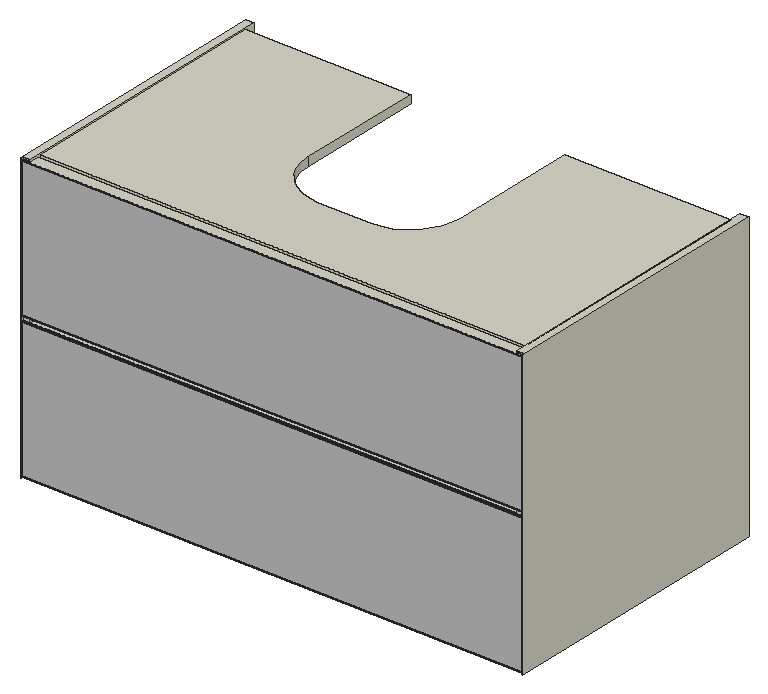
Revit family "vanity unit-hansgrohe-54191XXX-Xevolos E Vanity unit Sand Matt Beige 980_550 with 2 drawers for consoles with countertop basin ground", category Furniture, Revit 2019
Family settings
  OmniClass Number = 23.40.00.00
  OmniClass Title = Equipment and Furnishings
  Work Plane-Based = No
  Always vertical = Yes
  Cut with Voids When Loaded = No
  Shared = Yes
  Room Calculation Point = No
Parameters (values of type "54191790-SAND_MATT_BEIGE-METALLIC_SAND_BEIGE-400")
  etim7_EC011381 = "EC011381"
  WEIGHT = "51.8"
  UNSPSC = "56 | Furniture and Furnishings"
  UNIFORMATII = "E2010 | Fixed Furnishings"
  UNICLASS_2015_CODE = "40_30_78_05"
  UNICLASS2015 = "Pr_40_30_78_05 | Bathroom furniture"
  SURFACE = "METALLIC_SAND_BEIGE"
  REGION = "Worldwide"
  PRODUCTURL = "https://pro.hansgrohe.com/articledetail--54191790"
  PERMALINK = "54191XXX"
  OMNICLASS = "23-21 19 15 33 13 | Residential Bathroom Specialty Casework"
  OBJECTTYPE = "Object (single object)"
  OBERFLAECHE = "SAND_MATT_BEIGE"
  NN = "Vanity unit with 2 drawers for consoles with countertop basin ground"
  NBSYN = "$ARTNR.-$OBERFLAECHE.-$SURFACE.-$LODLEVEL."
  NB = "54191790-SAND_MATT_BEIGE-METALLIC_SAND_BEIGE-400"
  NAME = "Xevolos E Vanity unit Sand Matt Beige 980/550 with 2 drawers for consoles with countertop basin ground"
  Model = "54191790-SAND_MATT_BEIGE-METALLIC_SAND_BEIGE-400"
  Manufacturer = "Hansgrohe"
  MIdent = "{$CADENAS_DATA/23d-libs/hansgrohe/xevolos_furniture/e_vanity_unit_2_drawers_console_countertop_basin/vanity_unit_2drawers_consoles_countertop_basin.prj},307 {VTYP=3D},{NB=54191790-SAND_MATT_BEIGE-METALLIC_SAND_BEIGE-400},{LINA=54191790-SAND_MATT_BEIGE-METALLIC_SAND_BEIGE-400},{NN=Vanity unit with 2 drawers for consoles with countertop basin ground},{DATE=13.03.2023 11:45:48},{GEOMDATE=12.03.2023 06:32:00},{VERSION=},{LINEID=150},{WBVAR=LODLEVEL},{WBNUMERIC=}  {NB=54191790-SAND_MATT_BEIGE-METALLIC_SAND_BEIGE-400},{LINA=54191790-SAND_MATT_BEIGE-METALLIC_SAND_BEIGE-400},{KT=DUMMY},{IDNR=15},{ARTNR=54191790},{BASENUMBER=54191},{MODEL=54191XXX},{OBERFLAECHE=SAND_MATT_BEIGE},{SURFACE=METALLIC_SAND_BEIGE},{L=980},{LODLEVEL=400},{LODLEVELX='400','400','200','200'},{NAME=Xevolos E Vanity unit Sand Matt Beige 980/550 with 2 drawers for consoles with countertop basin ground},{PERMALINK=54191XXX},{OBJECTTYPE=Object (single object)},{BIMOBJECT=Sanitary: Compound units},{COLLECTIONSET=Xevolos E},{COLLECTION=vanity unit},{WEIGHT=51.8},{DESCRIPTION=Xevolos E Vanity unit Sand Matt Beige 980/550 with 2 drawers for consoles with countertop basin ground},{PRODUCTURL=https://pro.hansgrohe.com/articledetail--54191790},{GTINCODE=0},{TENDERURL=0},{IFC=Furnishing element},{ETIM=EC011381 | Bathroom furniture set},{UNICLASS2015=Pr_40_30_78_05 | Bathroom furniture},{OMNICLASS=23-21 19 15 33 13 | Residential Bathroom Specialty Casework},{MASTERFORMAT=12 35 30.23 | Bathroom Casework},{UNSPSC=56 | Furniture and Furnishings},{UNIFORMATII=E2010 | Fixed Furnishings},{REGION=Worldwide},{DESIGN=Germany},{MANUFACTURER=Germany}"
  MASTERFORMAT = "12 35 30.23 | Bathroom Casework"
  LODLEVEL = "400"
  LINA = "54191790-SAND_MATT_BEIGE-METALLIC_SAND_BEIGE-400"
  L = 980
  IFC = "Furnishing element"
  IDNR = 15
  ETIM = "EC011381 | Bathroom furniture set"
  DESIGN = "Germany"
  COLLECTIONSET = "Xevolos E"
  COLLECTION = "vanity unit"
  CATALOG = "Hansgrohe"
  BIMOBJECT = "Sanitary: Compound units"
  BASENUMBER = "54191"
  ARTNR = "54191790"
  54191790-SAND_MATT_BEIGE-METALLIC_SAND_BEIGE-400_RX0RY0RZ0TX0TY0TZ0_V = yes
  54191790-SAND_MATT_BEIGE-METALLIC_SAND_BEIGE-200_RX0RY0RZ0TX0TY0TZ0_V = no
  54191730-SAND_MATT_BEIGE-DARK_OAK-400_RX0RY0RZ0TX0TY0TZ0_V = no
  54191730-SAND_MATT_BEIGE-DARK_OAK-200_RX0RY0RZ0TX0TY0TZ0_V = no
  54191390-SAND_MATT_BEIGE-PATTEREND_BRONZE-400_RX0RY0RZ0TX0TY0TZ0_V = no
  54191390-SAND_MATT_BEIGE-PATTEREND_BRONZE-200_RX0RY0RZ0TX0TY0TZ0_V = no
Types (6, lengths in mm): name | SURFACE | NB | Model | MIdent | LODLEVEL | LINA | IDNR | ARTNR | 54191790-SAND_MATT_BEIGE-METALLIC_SAND_BEIGE-400_RX0RY0RZ0TX0TY0TZ0_V | 54191790-SAND_MATT_BEIGE-METALLIC_SAND_BEIGE-200_RX0RY0RZ0TX0TY0TZ0_V | 54191730-SAND_MATT_BEIGE-DARK_OAK-400_RX0RY0RZ0TX0TY0TZ0_V | 54191730-SAND_MATT_BEIGE-DARK_OAK-200_RX0RY0RZ0TX0TY0TZ0_V | 54191390-SAND_MATT_BEIGE-PATTEREND_BRONZE-400_RX0RY0RZ0TX0TY0TZ0_V | 54191390-SAND_MATT_BEIGE-PATTEREND_BRONZE-200_RX0RY0RZ0TX0TY0TZ0_V
  54191390-SAND_MATT_BEIGE-PATTEREND_BRONZE-200 | "PATTEREND_BRONZE" | "54191390-SAND_MATT_BEIGE-PATTEREND_BRONZE-200" | "54191390-SAND_MATT_BEIGE-PATTEREND_BRONZE-200" | "{$CADENAS_DATA/23d-libs/hansgrohe/xevolos_furniture/e_vanity_unit_2_drawers_console_countertop_basin/vanity_unit_2drawers_consoles_countertop_basin.prj},301 {VTYP=3D},{NB=54191390-SAND_MATT_BEIGE-PATTEREND_BRONZE-200},{LINA=54191390-SAND_MATT_BEIGE-PATTEREND_BRONZE-200},{NN=Vanity unit with 2 drawers for consoles with countertop basin ground},{DATE=13.03.2023 11:45:48},{GEOMDATE=12.03.2023 06:32:00},{VERSION=},{LINEID=130},{WBVAR=LODLEVEL},{WBNUMERIC=}  {NB=54191390-SAND_MATT_BEIGE-PATTEREND_BRONZE-200},{LINA=54191390-SAND_MATT_BEIGE-PATTEREND_BRONZE-200},{KT=DUMMY},{IDNR=13},{ARTNR=54191390},{BASENUMBER=54191},{MODEL=54191XXX},{OBERFLAECHE=SAND_MATT_BEIGE},{SURFACE=PATTEREND_BRONZE},{L=980},{LODLEVEL=200},{LODLEVELX='400','400','200','200'},{NAME=Xevolos E Vanity unit Sand Matt Beige 980/550 with 2 drawers for consoles with countertop basin ground},{PERMALINK=54191XXX},{OBJECTTYPE=Object (single object)},{BIMOBJECT=Sanitary: Compound units},{COLLECTIONSET=Xevolos E},{COLLECTION=vanity unit},{WEIGHT=51.8},{DESCRIPTION=Xevolos E Vanity unit Sand Matt Beige 980/550 with 2 drawers for consoles with countertop basin ground},{PRODUCTURL=https://pro.hansgrohe.com/articledetail--54191790},{GTINCODE=0},{TENDERURL=0},{IFC=Furnishing element},{ETIM=EC011381 | Bathroom furniture set},{UNICLASS2015=Pr_40_30_78_05 | Bathroom furniture},{OMNICLASS=23-21 19 15 33 13 | Residential Bathroom Specialty Casework},{MASTERFORMAT=12 35 30.23 | Bathroom Casework},{UNSPSC=56 | Furniture and Furnishings},{UNIFORMATII=E2010 | Fixed Furnishings},{REGION=Worldwide},{DESIGN=Germany},{MANUFACTURER=Germany}" | "200" | "54191390-SAND_MATT_BEIGE-PATTEREND_BRONZE-200" | 13 | "54191390" | no | no | no | no | no | yes
  54191390-SAND_MATT_BEIGE-PATTEREND_BRONZE-400 | "PATTEREND_BRONZE" | "54191390-SAND_MATT_BEIGE-PATTEREND_BRONZE-400" | "54191390-SAND_MATT_BEIGE-PATTEREND_BRONZE-400" | "{$CADENAS_DATA/23d-libs/hansgrohe/xevolos_furniture/e_vanity_unit_2_drawers_console_countertop_basin/vanity_unit_2drawers_consoles_countertop_basin.prj},301 {VTYP=3D},{NB=54191390-SAND_MATT_BEIGE-PATTEREND_BRONZE-400},{LINA=54191390-SAND_MATT_BEIGE-PATTEREND_BRONZE-400},{NN=Vanity unit with 2 drawers for consoles with countertop basin ground},{DATE=13.03.2023 11:45:48},{GEOMDATE=12.03.2023 06:32:00},{VERSION=},{LINEID=130},{WBVAR=LODLEVEL},{WBNUMERIC=}  {NB=54191390-SAND_MATT_BEIGE-PATTEREND_BRONZE-400},{LINA=54191390-SAND_MATT_BEIGE-PATTEREND_BRONZE-400},{KT=DUMMY},{IDNR=13},{ARTNR=54191390},{BASENUMBER=54191},{MODEL=54191XXX},{OBERFLAECHE=SAND_MATT_BEIGE},{SURFACE=PATTEREND_BRONZE},{L=980},{LODLEVEL=400},{LODLEVELX='400','400','200','200'},{NAME=Xevolos E Vanity unit Sand Matt Beige 980/550 with 2 drawers for consoles with countertop basin ground},{PERMALINK=54191XXX},{OBJECTTYPE=Object (single object)},{BIMOBJECT=Sanitary: Compound units},{COLLECTIONSET=Xevolos E},{COLLECTION=vanity unit},{WEIGHT=51.8},{DESCRIPTION=Xevolos E Vanity unit Sand Matt Beige 980/550 with 2 drawers for consoles with countertop basin ground},{PRODUCTURL=https://pro.hansgrohe.com/articledetail--54191790},{GTINCODE=0},{TENDERURL=0},{IFC=Furnishing element},{ETIM=EC011381 | Bathroom furniture set},{UNICLASS2015=Pr_40_30_78_05 | Bathroom furniture},{OMNICLASS=23-21 19 15 33 13 | Residential Bathroom Specialty Casework},{MASTERFORMAT=12 35 30.23 | Bathroom Casework},{UNSPSC=56 | Furniture and Furnishings},{UNIFORMATII=E2010 | Fixed Furnishings},{REGION=Worldwide},{DESIGN=Germany},{MANUFACTURER=Germany}" | "400" | "54191390-SAND_MATT_BEIGE-PATTEREND_BRONZE-400" | 13 | "54191390" | no | no | no | no | yes | no
  54191730-SAND_MATT_BEIGE-DARK_OAK-200 | "DARK_OAK" | "54191730-SAND_MATT_BEIGE-DARK_OAK-200" | "54191730-SAND_MATT_BEIGE-DARK_OAK-200" | "{$CADENAS_DATA/23d-libs/hansgrohe/xevolos_furniture/e_vanity_unit_2_drawers_console_countertop_basin/vanity_unit_2drawers_consoles_countertop_basin.prj},285 {VTYP=3D},{NB=54191730-SAND_MATT_BEIGE-DARK_OAK-200},{LINA=54191730-SAND_MATT_BEIGE-DARK_OAK-200},{NN=Vanity unit with 2 drawers for consoles with countertop basin ground},{DATE=13.03.2023 11:45:48},{GEOMDATE=12.03.2023 06:32:00},{VERSION=},{LINEID=140},{WBVAR=LODLEVEL},{WBNUMERIC=}  {NB=54191730-SAND_MATT_BEIGE-DARK_OAK-200},{LINA=54191730-SAND_MATT_BEIGE-DARK_OAK-200},{KT=DUMMY},{IDNR=14},{ARTNR=54191730},{BASENUMBER=54191},{MODEL=54191XXX},{OBERFLAECHE=SAND_MATT_BEIGE},{SURFACE=DARK_OAK},{L=980},{LODLEVEL=200},{LODLEVELX='400','400','200','200'},{NAME=Xevolos E Vanity unit Sand Matt Beige 980/550 with 2 drawers for consoles with countertop basin ground},{PERMALINK=54191XXX},{OBJECTTYPE=Object (single object)},{BIMOBJECT=Sanitary: Compound units},{COLLECTIONSET=Xevolos E},{COLLECTION=vanity unit},{WEIGHT=51.8},{DESCRIPTION=Xevolos E Vanity unit Sand Matt Beige 980/550 with 2 drawers for consoles with countertop basin ground},{PRODUCTURL=https://pro.hansgrohe.com/articledetail--54191790},{GTINCODE=0},{TENDERURL=0},{IFC=Furnishing element},{ETIM=EC011381 | Bathroom furniture set},{UNICLASS2015=Pr_40_30_78_05 | Bathroom furniture},{OMNICLASS=23-21 19 15 33 13 | Residential Bathroom Specialty Casework},{MASTERFORMAT=12 35 30.23 | Bathroom Casework},{UNSPSC=56 | Furniture and Furnishings},{UNIFORMATII=E2010 | Fixed Furnishings},{REGION=Worldwide},{DESIGN=Germany},{MANUFACTURER=Germany}" | "200" | "54191730-SAND_MATT_BEIGE-DARK_OAK-200" | 14 | "54191730" | no | no | no | yes | no | no
  54191730-SAND_MATT_BEIGE-DARK_OAK-400 | "DARK_OAK" | "54191730-SAND_MATT_BEIGE-DARK_OAK-400" | "54191730-SAND_MATT_BEIGE-DARK_OAK-400" | "{$CADENAS_DATA/23d-libs/hansgrohe/xevolos_furniture/e_vanity_unit_2_drawers_console_countertop_basin/vanity_unit_2drawers_consoles_countertop_basin.prj},285 {VTYP=3D},{NB=54191730-SAND_MATT_BEIGE-DARK_OAK-400},{LINA=54191730-SAND_MATT_BEIGE-DARK_OAK-400},{NN=Vanity unit with 2 drawers for consoles with countertop basin ground},{DATE=13.03.2023 11:45:48},{GEOMDATE=12.03.2023 06:32:00},{VERSION=},{LINEID=140},{WBVAR=LODLEVEL},{WBNUMERIC=}  {NB=54191730-SAND_MATT_BEIGE-DARK_OAK-400},{LINA=54191730-SAND_MATT_BEIGE-DARK_OAK-400},{KT=DUMMY},{IDNR=14},{ARTNR=54191730},{BASENUMBER=54191},{MODEL=54191XXX},{OBERFLAECHE=SAND_MATT_BEIGE},{SURFACE=DARK_OAK},{L=980},{LODLEVEL=400},{LODLEVELX='400','400','200','200'},{NAME=Xevolos E Vanity unit Sand Matt Beige 980/550 with 2 drawers for consoles with countertop basin ground},{PERMALINK=54191XXX},{OBJECTTYPE=Object (single object)},{BIMOBJECT=Sanitary: Compound units},{COLLECTIONSET=Xevolos E},{COLLECTION=vanity unit},{WEIGHT=51.8},{DESCRIPTION=Xevolos E Vanity unit Sand Matt Beige 980/550 with 2 drawers for consoles with countertop basin ground},{PRODUCTURL=https://pro.hansgrohe.com/articledetail--54191790},{GTINCODE=0},{TENDERURL=0},{IFC=Furnishing element},{ETIM=EC011381 | Bathroom furniture set},{UNICLASS2015=Pr_40_30_78_05 | Bathroom furniture},{OMNICLASS=23-21 19 15 33 13 | Residential Bathroom Specialty Casework},{MASTERFORMAT=12 35 30.23 | Bathroom Casework},{UNSPSC=56 | Furniture and Furnishings},{UNIFORMATII=E2010 | Fixed Furnishings},{REGION=Worldwide},{DESIGN=Germany},{MANUFACTURER=Germany}" | "400" | "54191730-SAND_MATT_BEIGE-DARK_OAK-400" | 14 | "54191730" | no | no | yes | no | no | no
  54191790-SAND_MATT_BEIGE-METALLIC_SAND_BEIGE-200 | "METALLIC_SAND_BEIGE" | "54191790-SAND_MATT_BEIGE-METALLIC_SAND_BEIGE-200" | "54191790-SAND_MATT_BEIGE-METALLIC_SAND_BEIGE-200" | "{$CADENAS_DATA/23d-libs/hansgrohe/xevolos_furniture/e_vanity_unit_2_drawers_console_countertop_basin/vanity_unit_2drawers_consoles_countertop_basin.prj},307 {VTYP=3D},{NB=54191790-SAND_MATT_BEIGE-METALLIC_SAND_BEIGE-200},{LINA=54191790-SAND_MATT_BEIGE-METALLIC_SAND_BEIGE-200},{NN=Vanity unit with 2 drawers for consoles with countertop basin ground},{DATE=13.03.2023 11:45:48},{GEOMDATE=12.03.2023 06:32:00},{VERSION=},{LINEID=150},{WBVAR=LODLEVEL},{WBNUMERIC=}  {NB=54191790-SAND_MATT_BEIGE-METALLIC_SAND_BEIGE-200},{LINA=54191790-SAND_MATT_BEIGE-METALLIC_SAND_BEIGE-200},{KT=DUMMY},{IDNR=15},{ARTNR=54191790},{BASENUMBER=54191},{MODEL=54191XXX},{OBERFLAECHE=SAND_MATT_BEIGE},{SURFACE=METALLIC_SAND_BEIGE},{L=980},{LODLEVEL=200},{LODLEVELX='400','400','200','200'},{NAME=Xevolos E Vanity unit Sand Matt Beige 980/550 with 2 drawers for consoles with countertop basin ground},{PERMALINK=54191XXX},{OBJECTTYPE=Object (single object)},{BIMOBJECT=Sanitary: Compound units},{COLLECTIONSET=Xevolos E},{COLLECTION=vanity unit},{WEIGHT=51.8},{DESCRIPTION=Xevolos E Vanity unit Sand Matt Beige 980/550 with 2 drawers for consoles with countertop basin ground},{PRODUCTURL=https://pro.hansgrohe.com/articledetail--54191790},{GTINCODE=0},{TENDERURL=0},{IFC=Furnishing element},{ETIM=EC011381 | Bathroom furniture set},{UNICLASS2015=Pr_40_30_78_05 | Bathroom furniture},{OMNICLASS=23-21 19 15 33 13 | Residential Bathroom Specialty Casework},{MASTERFORMAT=12 35 30.23 | Bathroom Casework},{UNSPSC=56 | Furniture and Furnishings},{UNIFORMATII=E2010 | Fixed Furnishings},{REGION=Worldwide},{DESIGN=Germany},{MANUFACTURER=Germany}" | "200" | "54191790-SAND_MATT_BEIGE-METALLIC_SAND_BEIGE-200" | 15 | "54191790" | no | yes | no | no | no | no
  54191790-SAND_MATT_BEIGE-METALLIC_SAND_BEIGE-400 | "METALLIC_SAND_BEIGE" | "54191790-SAND_MATT_BEIGE-METALLIC_SAND_BEIGE-400" | "54191790-SAND_MATT_BEIGE-METALLIC_SAND_BEIGE-400" | "{$CADENAS_DATA/23d-libs/hansgrohe/xevolos_furniture/e_vanity_unit_2_drawers_console_countertop_basin/vanity_unit_2drawers_consoles_countertop_basin.prj},307 {VTYP=3D},{NB=54191790-SAND_MATT_BEIGE-METALLIC_SAND_BEIGE-400},{LINA=54191790-SAND_MATT_BEIGE-METALLIC_SAND_BEIGE-400},{NN=Vanity unit with 2 drawers for consoles with countertop basin ground},{DATE=13.03.2023 11:45:48},{GEOMDATE=12.03.2023 06:32:00},{VERSION=},{LINEID=150},{WBVAR=LODLEVEL},{WBNUMERIC=}  {NB=54191790-SAND_MATT_BEIGE-METALLIC_SAND_BEIGE-400},{LINA=54191790-SAND_MATT_BEIGE-METALLIC_SAND_BEIGE-400},{KT=DUMMY},{IDNR=15},{ARTNR=54191790},{BASENUMBER=54191},{MODEL=54191XXX},{OBERFLAECHE=SAND_MATT_BEIGE},{SURFACE=METALLIC_SAND_BEIGE},{L=980},{LODLEVEL=400},{LODLEVELX='400','400','200','200'},{NAME=Xevolos E Vanity unit Sand Matt Beige 980/550 with 2 drawers for consoles with countertop basin ground},{PERMALINK=54191XXX},{OBJECTTYPE=Object (single object)},{BIMOBJECT=Sanitary: Compound units},{COLLECTIONSET=Xevolos E},{COLLECTION=vanity unit},{WEIGHT=51.8},{DESCRIPTION=Xevolos E Vanity unit Sand Matt Beige 980/550 with 2 drawers for consoles with countertop basin ground},{PRODUCTURL=https://pro.hansgrohe.com/articledetail--54191790},{GTINCODE=0},{TENDERURL=0},{IFC=Furnishing element},{ETIM=EC011381 | Bathroom furniture set},{UNICLASS2015=Pr_40_30_78_05 | Bathroom furniture},{OMNICLASS=23-21 19 15 33 13 | Residential Bathroom Specialty Casework},{MASTERFORMAT=12 35 30.23 | Bathroom Casework},{UNSPSC=56 | Furniture and Furnishings},{UNIFORMATII=E2010 | Fixed Furnishings},{REGION=Worldwide},{DESIGN=Germany},{MANUFACTURER=Germany}" | "400" | "54191790-SAND_MATT_BEIGE-METALLIC_SAND_BEIGE-400" | 15 | "54191790" | yes | no | no | no | no | no
Reference planes
  plane 1 "Center (Front/Back)": y = 0
  plane 2: z = 0
  plane 3 "Center (Left/Right)": x = 0
Dimensions and locks
  aligned and locked: level to plane 2
Nested families
  nested 1: "54191390-sand_matt_beige-patterend_bronze-200_content" at (0, 0, 0), visible <- "54191390-SAND_MATT_BEIGE-PATTEREND_BRONZE-200_RX0RY0RZ0TX0TY0TZ0_V", ContentVisible <- "54191390-SAND_MATT_BEIGE-PATTEREND_BRONZE-200_RX0RY0RZ0TX0TY0TZ0_V", type "54191390-SAND_MATT_BEIGE-PATTEREND_BRONZE-200_Content"
    with ContentVisible no
  nested 2: "54191390-sand_matt_beige-patterend_bronze-400_content" at (0, 0, 0), visible <- "54191390-SAND_MATT_BEIGE-PATTEREND_BRONZE-400_RX0RY0RZ0TX0TY0TZ0_V", ContentVisible <- "54191390-SAND_MATT_BEIGE-PATTEREND_BRONZE-400_RX0RY0RZ0TX0TY0TZ0_V", type "54191390-SAND_MATT_BEIGE-PATTEREND_BRONZE-400_Content"
    with ContentVisible no
  nested 3: "54191730-sand_matt_beige-dark_oak-200_content" at (0, 0, 0), visible <- "54191730-SAND_MATT_BEIGE-DARK_OAK-200_RX0RY0RZ0TX0TY0TZ0_V", ContentVisible <- "54191730-SAND_MATT_BEIGE-DARK_OAK-200_RX0RY0RZ0TX0TY0TZ0_V", type "54191730-SAND_MATT_BEIGE-DARK_OAK-200_Content"
    with ContentVisible no
  nested 4: "54191730-sand_matt_beige-dark_oak-400_content" at (0, 0, 0), visible <- "54191730-SAND_MATT_BEIGE-DARK_OAK-400_RX0RY0RZ0TX0TY0TZ0_V", ContentVisible <- "54191730-SAND_MATT_BEIGE-DARK_OAK-400_RX0RY0RZ0TX0TY0TZ0_V", type "54191730-SAND_MATT_BEIGE-DARK_OAK-400_Content"
    with ContentVisible no
  nested 5: "54191790-sand_matt_beige-metallic_sand_beige-200_content" at (0, 0, 0), visible <- "54191790-SAND_MATT_BEIGE-METALLIC_SAND_BEIGE-200_RX0RY0RZ0TX0TY0TZ0_V", ContentVisible <- "54191790-SAND_MATT_BEIGE-METALLIC_SAND_BEIGE-200_RX0RY0RZ0TX0TY0TZ0_V", type "54191790-SAND_MATT_BEIGE-METALLIC_SAND_BEIGE-200_Content"
    with ContentVisible no
  nested 6: "54191790-sand_matt_beige-metallic_sand_beige-400_content" at (0, 0, 0), visible <- "54191790-SAND_MATT_BEIGE-METALLIC_SAND_BEIGE-400_RX0RY0RZ0TX0TY0TZ0_V", ContentVisible <- "54191790-SAND_MATT_BEIGE-METALLIC_SAND_BEIGE-400_RX0RY0RZ0TX0TY0TZ0_V", type "54191790-SAND_MATT_BEIGE-METALLIC_SAND_BEIGE-400_Content"
    with ContentVisible yes
Definition of nested family "54191790-sand_matt_beige-metallic_sand_beige-400_content"
  Parameters (values of type "54191790-SAND_MATT_BEIGE-METALLIC_SAND_BEIGE-400_Content")
    etim7_EC011381 = "EC011381"
    WEIGHT = "51.8"
    UNSPSC = "56 | Furniture and Furnishings"
    UNIFORMATII = "E2010 | Fixed Furnishings"
    UNICLASS_2015_CODE = "40_30_78_05"
    UNICLASS2015 = "Pr_40_30_78_05 | Bathroom furniture"
    SURFACE = "METALLIC_SAND_BEIGE"
    REGION = "Worldwide"
    PRODUCTURL = "https://pro.hansgrohe.com/articledetail--54191790"
    PERMALINK = "54191XXX"
    OMNICLASS = "23-21 19 15 33 13 | Residential Bathroom Specialty Casework"
    OBJECTTYPE = "Object (single object)"
    OBERFLAECHE = "SAND_MATT_BEIGE"
    NN = "Vanity unit with 2 drawers for consoles with countertop basin ground"
    NBSYN = "$ARTNR.-$OBERFLAECHE.-$SURFACE.-$LODLEVEL."
    NB = "54191790-SAND_MATT_BEIGE-METALLIC_SAND_BEIGE-400"
    NAME = "Xevolos E Vanity unit Sand Matt Beige 980/550 with 2 drawers for consoles with countertop basin ground"
    Model = "54191790-SAND_MATT_BEIGE-METALLIC_SAND_BEIGE-400"
    Manufacturer = "Hansgrohe"
    MASTERFORMAT = "12 35 30.23 | Bathroom Casework"
    LODLEVEL = "400"
    LINA = "54191790-SAND_MATT_BEIGE-METALLIC_SAND_BEIGE-400"
    L = 980
    IFC = "Furnishing element"
    IDNR = 15
    ETIM = "EC011381 | Bathroom furniture set"
    Default Elevation = 1219.2 mm
    DESIGN = "Germany"
    ContentVisible [instance] = yes
    COLLECTIONSET = "Xevolos E"
    COLLECTION = "vanity unit"
    CATALOG = "Hansgrohe"
    BIMOBJECT = "Sanitary: Compound units"
    BASENUMBER = "54191"
    ARTNR = "54191790"
  Reference planes
    plane 1 "Center (Front/Back)": y = 0
    plane 2: z = 0
    plane 3 "Center (Left/Right)": x = 0
  Forms (mm)
    Extrusion 1, solid, visible <- "ContentVisible", detail levels medium+fine
      sketch origin (0, 0, 0) x (1, 0, 0) y (0, 1, 0)
        loop
          line (-490, 0) -> (-490, -548.3) -> (-488, -548.3) -> (-488, -544.3) -> (-474, -544.3) -> (-474, 0) -> (-490, 0)
      from 0 to 558
    Extrusion 2, solid, visible <- "ContentVisible", detail levels medium+fine
      sketch origin (0, 0, 0) x (1, 0, 0) y (0, 1, 0)
        loop
          line (-474, -131.5) -> (-474, -498) -> (474, -498) -> (474, -131.5) -> (-474, -131.5)
      from 0 to 16
    Extrusion 3, solid, visible <- "ContentVisible", detail levels medium+fine
      sketch origin (0, 0, 0) x (1, 0, 0) y (0, 1, 0)
        loop
          line (474, 0) -> (474, -544.3) -> (488, -544.3) -> (488, -548.3) -> (490, -548.3) -> (490, 0) -> (474, 0)
      from 0 to 558
    Extrusion 4, solid, visible <- "ContentVisible", detail levels medium+fine
      sketch origin (0, 0, 0.5) x (1, 0, 0) y (0, 1, 0)
        loop
          line (-474, -115.5) -> (-474, -131.5) -> (474, -131.5) -> (474, -115.5) -> (-474, -115.5)
      from 0 to 126
    Extrusion 5, solid, visible <- "ContentVisible", detail levels medium+fine
      sketch origin (0, 0, 2) x (1, 0, 0) y (0, 1, 0)
        loop
          line (-488, -527) -> (-488, -548.3) -> (488, -548.3) -> (488, -527) -> (-488, -527)
      from 0 to 2
    Extrusion 6, solid, visible <- "ContentVisible", detail levels medium+fine
      sketch origin (0, 0, 556) x (1, 0, 0) y (0, 1, 0)
        loop
          line (-488, -527) -> (-488, -548.3) -> (488, -548.3) -> (488, -527) -> (-488, -527)
      from -2 to 0
    Extrusion 7, solid, visible <- "ContentVisible", detail levels medium+fine
      sketch origin (0, -544.3, 0) x (1, 0, 0) y (0, 0, -1)
        loop
          line (-488, -272.5) -> (488, -272.5) -> (488, -4) -> (-488, -4) -> (-488, -272.5)
      from -4 to 0
    Extrusion 8, solid, visible <- "ContentVisible", detail levels medium+fine
      sketch origin (0, -544.3, 0) x (1, 0, 0) y (0, 0, -1)
        loop
          line (-488, -554) -> (488, -554) -> (488, -285.5) -> (-488, -285.5) -> (-488, -554)
      from -4 to 0
    Extrusion 9, solid, visible <- "ContentVisible", detail levels medium+fine
      sketch origin (0, 0, 272.5) x (1, 0, 0) y (0, 1, 0)
        loop
          line (-488, -527) -> (-488, -548.3) -> (488, -548.3) -> (488, -527) -> (-488, -527)
      from 0 to 2
    Extrusion 10, solid, visible <- "ContentVisible", detail levels medium+fine
      sketch origin (0, 0, 285.5) x (1, 0, 0) y (0, 1, 0)
        loop
          line (-488, -527) -> (-488, -548.3) -> (488, -548.3) -> (488, -527) -> (-488, -527)
      from -2 to 0
    Extrusion 11, solid, visible <- "ContentVisible", detail levels medium+fine
      sketch origin (0, -544.3, 0) x (1, 0, 0) y (0, 0, -1)
        loop
          line (-488, -274.5) -> (488, -274.5) -> (488, -4.5) -> (-488, -4.5) -> (-488, -274.5)
        loop
          line (-414, -78) -> (-414, -272.5) -> (414, -272.5) -> (414, -78) -> (-414, -78)
      from 0 to 17
    Extrusion 12, solid, visible <- "ContentVisible", detail levels medium+fine
      sketch origin (0, -544.3, 0) x (1, 0, 0) y (0, 0, -1)
        loop
          line (-488, -553.5) -> (-412, -553.5) -> (-412, -361.5) -> (412, -361.5) -> (412, -553.5) -> (488, -553.5) -> (488, -285.5) -> (-488, -285.5) -> (-488, -553.5)
      from 0 to 17
    Extrusion 13, solid, visible <- "ContentVisible", detail levels medium+fine
      sketch origin (0, 0, 0) x (0, 0, -1) y (0, 1, 0)
        loop
          line (-285, -395.5) -> (-285, -520) -> (-269, -520) -> (-269, -395.5) -> (-285, -395.5)
      from -474 to 474
    Extrusion 14, solid, visible <- "ContentVisible", detail levels medium+fine
      sketch origin (0, 0, 557.5) x (1, 0, 0) y (0, 1, 0)
        loop
          line (-474, -521.5) -> (474, -521.5) -> (474, -23) -> (150, -23) -> (150, -273)
          arc (150, -273) -> (120.711, -343.711) -> (50, -373) r 100
          line (50, -373) -> (-50, -373)
          arc (-50, -373) -> (-120.711, -343.711) -> (-150, -273) r 100
          line (-150, -273) -> (-150, -23) -> (-474, -23) -> (-474, -521.5)
      from -16 to 0
    Extrusion 15, solid, visible <- "ContentVisible", detail levels coarse
      sketch origin (0, -274.15, 0) x (1, 0, 0) y (0, 1, 0)
        loop
          line (-490, -274.15) -> (490, -274.15) -> (490, 274.15) -> (-490, 274.15) -> (-490, -274.15)
      from 0 to 558
  Dimensions and locks
    aligned and locked: level to plane 2
Definition of nested family "54191390-sand_matt_beige-patterend_bronze-200_content"
  Parameters (values of type "54191390-SAND_MATT_BEIGE-PATTEREND_BRONZE-200_Content")
    etim7_EC011381 = "EC011381"
    WEIGHT = "51.8"
    UNSPSC = "56 | Furniture and Furnishings"
    UNIFORMATII = "E2010 | Fixed Furnishings"
    UNICLASS_2015_CODE = "40_30_78_05"
    UNICLASS2015 = "Pr_40_30_78_05 | Bathroom furniture"
    SURFACE = "PATTEREND_BRONZE"
    REGION = "Worldwide"
    PRODUCTURL = "https://pro.hansgrohe.com/articledetail--54191790"
    PERMALINK = "54191XXX"
    OMNICLASS = "23-21 19 15 33 13 | Residential Bathroom Specialty Casework"
    OBJECTTYPE = "Object (single object)"
    OBERFLAECHE = "SAND_MATT_BEIGE"
    NN = "Vanity unit with 2 drawers for consoles with countertop basin ground"
    NBSYN = "$ARTNR.-$OBERFLAECHE.-$SURFACE.-$LODLEVEL."
    NB = "54191390-SAND_MATT_BEIGE-PATTEREND_BRONZE-200"
    NAME = "Xevolos E Vanity unit Sand Matt Beige 980/550 with 2 drawers for consoles with countertop basin ground"
    Model = "54191390-SAND_MATT_BEIGE-PATTEREND_BRONZE-200"
    Manufacturer = "Hansgrohe"
    MASTERFORMAT = "12 35 30.23 | Bathroom Casework"
    LODLEVEL = "200"
    LINA = "54191390-SAND_MATT_BEIGE-PATTEREND_BRONZE-200"
    L = 980
    IFC = "Furnishing element"
    IDNR = 13
    ETIM = "EC011381 | Bathroom furniture set"
    Default Elevation = 1219.2 mm
    DESIGN = "Germany"
    ContentVisible [instance] = yes
    COLLECTIONSET = "Xevolos E"
    COLLECTION = "vanity unit"
    CATALOG = "Hansgrohe"
    BIMOBJECT = "Sanitary: Compound units"
    BASENUMBER = "54191"
    ARTNR = "54191390"
  Reference planes
    plane 1 "Center (Front/Back)": y = 0
    plane 2: z = 0
    plane 3 "Center (Left/Right)": x = 0
  Forms (mm)
    Extrusion 1, solid, visible <- "ContentVisible", detail levels medium+fine
      sketch origin (0, 0, 0) x (1, 0, 0) y (0, 1, 0)
        loop
          line (-490, 0) -> (-490, -544.3) -> (490, -544.3) -> (490, 0) -> (-490, 0)
      from 0 to 558
    Extrusion 2, solid, visible <- "ContentVisible", detail levels medium+fine
      sketch origin (0, -544.3, 0) x (1, 0, 0) y (0, 0, -1)
        loop
          line (-490, -278) -> (-488, -278) -> (-488, -4) -> (488, -4) -> (488, -278) -> (490, -278) -> (490, -2) -> (-490, -2) -> (-490, -278)
      from -4 to 0
    Extrusion 3, solid, visible <- "ContentVisible", detail levels medium+fine
      sketch origin (0, -544.3, 0) x (1, 0, 0) y (0, 0, -1)
        loop
          line (-490, -278) -> (-490, -554) -> (490, -554) -> (490, -278) -> (488, -278) -> (488, -552) -> (-488, -552) -> (-488, -278) -> (-490, -278)
      from -4 to 0
    Extrusion 4, solid, visible <- "ContentVisible", detail levels medium+fine
      sketch origin (0, -544.3, 0) x (1, 0, 0) y (0, 0, -1)
        loop
          line (-488, -272.5) -> (488, -272.5) -> (488, -4) -> (-488, -4) -> (-488, -272.5)
      from -4 to 0
    Extrusion 5, solid, visible <- "ContentVisible", detail levels medium+fine
      sketch origin (0, -544.3, 0) x (1, 0, 0) y (0, 0, -1)
        loop
          line (-488, -554) -> (488, -554) -> (488, -285.5) -> (-488, -285.5) -> (-488, -554)
      from -4 to 0
    Extrusion 6, solid, visible <- "ContentVisible", detail levels medium+fine
      sketch origin (0, 0, 272.5) x (1, 0, 0) y (0, 1, 0)
        loop
          line (-488, -527) -> (-488, -548.3) -> (488, -548.3) -> (488, -527) -> (-488, -527)
      from 0 to 2
    Extrusion 7, solid, visible <- "ContentVisible", detail levels medium+fine
      sketch origin (0, 0, 285.5) x (1, 0, 0) y (0, 1, 0)
        loop
          line (-488, -527) -> (-488, -548.3) -> (488, -548.3) -> (488, -527) -> (-488, -527)
      from -2 to 0
    Extrusion 8, solid, visible <- "ContentVisible", detail levels coarse
      sketch origin (0, -274.15, 0) x (1, 0, 0) y (0, 1, 0)
        loop
          line (-490, -274.15) -> (490, -274.15) -> (490, 274.15) -> (-490, 274.15) -> (-490, -274.15)
      from 0 to 558
  Dimensions and locks
    aligned and locked: level to plane 2
Definition of nested family "54191390-sand_matt_beige-patterend_bronze-400_content"
  Parameters (values of type "54191390-SAND_MATT_BEIGE-PATTEREND_BRONZE-400_Content")
    etim7_EC011381 = "EC011381"
    WEIGHT = "51.8"
    UNSPSC = "56 | Furniture and Furnishings"
    UNIFORMATII = "E2010 | Fixed Furnishings"
    UNICLASS_2015_CODE = "40_30_78_05"
    UNICLASS2015 = "Pr_40_30_78_05 | Bathroom furniture"
    SURFACE = "PATTEREND_BRONZE"
    REGION = "Worldwide"
    PRODUCTURL = "https://pro.hansgrohe.com/articledetail--54191790"
    PERMALINK = "54191XXX"
    OMNICLASS = "23-21 19 15 33 13 | Residential Bathroom Specialty Casework"
    OBJECTTYPE = "Object (single object)"
    OBERFLAECHE = "SAND_MATT_BEIGE"
    NN = "Vanity unit with 2 drawers for consoles with countertop basin ground"
    NBSYN = "$ARTNR.-$OBERFLAECHE.-$SURFACE.-$LODLEVEL."
    NB = "54191390-SAND_MATT_BEIGE-PATTEREND_BRONZE-400"
    NAME = "Xevolos E Vanity unit Sand Matt Beige 980/550 with 2 drawers for consoles with countertop basin ground"
    Model = "54191390-SAND_MATT_BEIGE-PATTEREND_BRONZE-400"
    Manufacturer = "Hansgrohe"
    MASTERFORMAT = "12 35 30.23 | Bathroom Casework"
    LODLEVEL = "400"
    LINA = "54191390-SAND_MATT_BEIGE-PATTEREND_BRONZE-400"
    L = 980
    IFC = "Furnishing element"
    IDNR = 13
    ETIM = "EC011381 | Bathroom furniture set"
    Default Elevation = 1219.2 mm
    DESIGN = "Germany"
    ContentVisible [instance] = yes
    COLLECTIONSET = "Xevolos E"
    COLLECTION = "vanity unit"
    CATALOG = "Hansgrohe"
    BIMOBJECT = "Sanitary: Compound units"
    BASENUMBER = "54191"
    ARTNR = "54191390"
  Reference planes
    plane 1 "Center (Front/Back)": y = 0
    plane 2: z = 0
    plane 3 "Center (Left/Right)": x = 0
  Forms (mm)
    Extrusion 1, solid, visible <- "ContentVisible", detail levels medium+fine
      sketch origin (0, 0, 0) x (1, 0, 0) y (0, 1, 0)
        loop
          line (-490, 0) -> (-490, -548.3) -> (-488, -548.3) -> (-488, -544.3) -> (-474, -544.3) -> (-474, 0) -> (-490, 0)
      from 0 to 558
    Extrusion 2, solid, visible <- "ContentVisible", detail levels medium+fine
      sketch origin (0, 0, 0) x (1, 0, 0) y (0, 1, 0)
        loop
          line (-474, -131.5) -> (-474, -498) -> (474, -498) -> (474, -131.5) -> (-474, -131.5)
      from 0 to 16
    Extrusion 3, solid, visible <- "ContentVisible", detail levels medium+fine
      sketch origin (0, 0, 0) x (1, 0, 0) y (0, 1, 0)
        loop
          line (474, 0) -> (474, -544.3) -> (488, -544.3) -> (488, -548.3) -> (490, -548.3) -> (490, 0) -> (474, 0)
      from 0 to 558
    Extrusion 4, solid, visible <- "ContentVisible", detail levels medium+fine
      sketch origin (0, 0, 0.5) x (1, 0, 0) y (0, 1, 0)
        loop
          line (-474, -115.5) -> (-474, -131.5) -> (474, -131.5) -> (474, -115.5) -> (-474, -115.5)
      from 0 to 126
    Extrusion 5, solid, visible <- "ContentVisible", detail levels medium+fine
      sketch origin (0, 0, 2) x (1, 0, 0) y (0, 1, 0)
        loop
          line (-488, -527) -> (-488, -548.3) -> (488, -548.3) -> (488, -527) -> (-488, -527)
      from 0 to 2
    Extrusion 6, solid, visible <- "ContentVisible", detail levels medium+fine
      sketch origin (0, 0, 556) x (1, 0, 0) y (0, 1, 0)
        loop
          line (-488, -527) -> (-488, -548.3) -> (488, -548.3) -> (488, -527) -> (-488, -527)
      from -2 to 0
    Extrusion 7, solid, visible <- "ContentVisible", detail levels medium+fine
      sketch origin (0, -544.3, 0) x (1, 0, 0) y (0, 0, -1)
        loop
          line (-488, -272.5) -> (488, -272.5) -> (488, -4) -> (-488, -4) -> (-488, -272.5)
      from -4 to 0
    Extrusion 8, solid, visible <- "ContentVisible", detail levels medium+fine
      sketch origin (0, -544.3, 0) x (1, 0, 0) y (0, 0, -1)
        loop
          line (-488, -554) -> (488, -554) -> (488, -285.5) -> (-488, -285.5) -> (-488, -554)
      from -4 to 0
    Extrusion 9, solid, visible <- "ContentVisible", detail levels medium+fine
      sketch origin (0, 0, 272.5) x (1, 0, 0) y (0, 1, 0)
        loop
          line (-488, -527) -> (-488, -548.3) -> (488, -548.3) -> (488, -527) -> (-488, -527)
      from 0 to 2
    Extrusion 10, solid, visible <- "ContentVisible", detail levels medium+fine
      sketch origin (0, 0, 285.5) x (1, 0, 0) y (0, 1, 0)
        loop
          line (-488, -527) -> (-488, -548.3) -> (488, -548.3) -> (488, -527) -> (-488, -527)
      from -2 to 0
    Extrusion 11, solid, visible <- "ContentVisible", detail levels medium+fine
      sketch origin (0, -544.3, 0) x (1, 0, 0) y (0, 0, -1)
        loop
          line (-488, -274.5) -> (488, -274.5) -> (488, -4.5) -> (-488, -4.5) -> (-488, -274.5)
        loop
          line (-414, -78) -> (-414, -272.5) -> (414, -272.5) -> (414, -78) -> (-414, -78)
      from 0 to 17
    Extrusion 12, solid, visible <- "ContentVisible", detail levels medium+fine
      sketch origin (0, -544.3, 0) x (1, 0, 0) y (0, 0, -1)
        loop
          line (-488, -553.5) -> (-412, -553.5) -> (-412, -361.5) -> (412, -361.5) -> (412, -553.5) -> (488, -553.5) -> (488, -285.5) -> (-488, -285.5) -> (-488, -553.5)
      from 0 to 17
    Extrusion 13, solid, visible <- "ContentVisible", detail levels medium+fine
      sketch origin (0, 0, 0) x (0, 0, -1) y (0, 1, 0)
        loop
          line (-285, -395.5) -> (-285, -520) -> (-269, -520) -> (-269, -395.5) -> (-285, -395.5)
      from -474 to 474
    Extrusion 14, solid, visible <- "ContentVisible", detail levels medium+fine
      sketch origin (0, 0, 557.5) x (1, 0, 0) y (0, 1, 0)
        loop
          line (-474, -521.5) -> (474, -521.5) -> (474, -23) -> (150, -23) -> (150, -273)
          arc (150, -273) -> (120.711, -343.711) -> (50, -373) r 100
          line (50, -373) -> (-50, -373)
          arc (-50, -373) -> (-120.711, -343.711) -> (-150, -273) r 100
          line (-150, -273) -> (-150, -23) -> (-474, -23) -> (-474, -521.5)
      from -16 to 0
    Extrusion 15, solid, visible <- "ContentVisible", detail levels coarse
      sketch origin (0, -274.15, 0) x (1, 0, 0) y (0, 1, 0)
        loop
          line (-490, -274.15) -> (490, -274.15) -> (490, 274.15) -> (-490, 274.15) -> (-490, -274.15)
      from 0 to 558
  Dimensions and locks
    aligned and locked: level to plane 2
Definition of nested family "54191730-sand_matt_beige-dark_oak-200_content"
  Parameters (values of type "54191730-SAND_MATT_BEIGE-DARK_OAK-200_Content")
    etim7_EC011381 = "EC011381"
    WEIGHT = "51.8"
    UNSPSC = "56 | Furniture and Furnishings"
    UNIFORMATII = "E2010 | Fixed Furnishings"
    UNICLASS_2015_CODE = "40_30_78_05"
    UNICLASS2015 = "Pr_40_30_78_05 | Bathroom furniture"
    SURFACE = "DARK_OAK"
    REGION = "Worldwide"
    PRODUCTURL = "https://pro.hansgrohe.com/articledetail--54191790"
    PERMALINK = "54191XXX"
    OMNICLASS = "23-21 19 15 33 13 | Residential Bathroom Specialty Casework"
    OBJECTTYPE = "Object (single object)"
    OBERFLAECHE = "SAND_MATT_BEIGE"
    NN = "Vanity unit with 2 drawers for consoles with countertop basin ground"
    NBSYN = "$ARTNR.-$OBERFLAECHE.-$SURFACE.-$LODLEVEL."
    NB = "54191730-SAND_MATT_BEIGE-DARK_OAK-200"
    NAME = "Xevolos E Vanity unit Sand Matt Beige 980/550 with 2 drawers for consoles with countertop basin ground"
    Model = "54191730-SAND_MATT_BEIGE-DARK_OAK-200"
    Manufacturer = "Hansgrohe"
    MASTERFORMAT = "12 35 30.23 | Bathroom Casework"
    LODLEVEL = "200"
    LINA = "54191730-SAND_MATT_BEIGE-DARK_OAK-200"
    L = 980
    IFC = "Furnishing element"
    IDNR = 14
    ETIM = "EC011381 | Bathroom furniture set"
    Default Elevation = 1219.2 mm
    DESIGN = "Germany"
    ContentVisible [instance] = yes
    COLLECTIONSET = "Xevolos E"
    COLLECTION = "vanity unit"
    CATALOG = "Hansgrohe"
    BIMOBJECT = "Sanitary: Compound units"
    BASENUMBER = "54191"
    ARTNR = "54191730"
  Reference planes
    plane 1 "Center (Front/Back)": y = 0
    plane 2: z = 0
    plane 3 "Center (Left/Right)": x = 0
  Forms (mm)
    Extrusion 1, solid, visible <- "ContentVisible", detail levels medium+fine
      sketch origin (0, 0, 0) x (1, 0, 0) y (0, 1, 0)
        loop
          line (-490, 0) -> (-490, -544.3) -> (490, -544.3) -> (490, 0) -> (-490, 0)
      from 0 to 558
    Extrusion 2, solid, visible <- "ContentVisible", detail levels medium+fine
      sketch origin (0, -544.3, 0) x (1, 0, 0) y (0, 0, -1)
        loop
          line (-490, -278) -> (-488, -278) -> (-488, -4) -> (488, -4) -> (488, -278) -> (490, -278) -> (490, -2) -> (-490, -2) -> (-490, -278)
      from -4 to 0
    Extrusion 3, solid, visible <- "ContentVisible", detail levels medium+fine
      sketch origin (0, -544.3, 0) x (1, 0, 0) y (0, 0, -1)
        loop
          line (-490, -278) -> (-490, -554) -> (490, -554) -> (490, -278) -> (488, -278) -> (488, -552) -> (-488, -552) -> (-488, -278) -> (-490, -278)
      from -4 to 0
    Extrusion 4, solid, visible <- "ContentVisible", detail levels medium+fine
      sketch origin (0, -544.3, 0) x (1, 0, 0) y (0, 0, -1)
        loop
          line (-488, -272.5) -> (488, -272.5) -> (488, -4) -> (-488, -4) -> (-488, -272.5)
      from -4 to 0
    Extrusion 5, solid, visible <- "ContentVisible", detail levels medium+fine
      sketch origin (0, -544.3, 0) x (1, 0, 0) y (0, 0, -1)
        loop
          line (-488, -554) -> (488, -554) -> (488, -285.5) -> (-488, -285.5) -> (-488, -554)
      from -4 to 0
    Extrusion 6, solid, visible <- "ContentVisible", detail levels medium+fine
      sketch origin (0, 0, 272.5) x (1, 0, 0) y (0, 1, 0)
        loop
          line (-488, -527) -> (-488, -548.3) -> (488, -548.3) -> (488, -527) -> (-488, -527)
      from 0 to 2
    Extrusion 7, solid, visible <- "ContentVisible", detail levels medium+fine
      sketch origin (0, 0, 285.5) x (1, 0, 0) y (0, 1, 0)
        loop
          line (-488, -527) -> (-488, -548.3) -> (488, -548.3) -> (488, -527) -> (-488, -527)
      from -2 to 0
    Extrusion 8, solid, visible <- "ContentVisible", detail levels coarse
      sketch origin (0, -274.15, 0) x (1, 0, 0) y (0, 1, 0)
        loop
          line (-490, -274.15) -> (490, -274.15) -> (490, 274.15) -> (-490, 274.15) -> (-490, -274.15)
      from 0 to 558
  Dimensions and locks
    aligned and locked: level to plane 2
Definition of nested family "54191730-sand_matt_beige-dark_oak-400_content"
  Parameters (values of type "54191730-SAND_MATT_BEIGE-DARK_OAK-400_Content")
    etim7_EC011381 = "EC011381"
    WEIGHT = "51.8"
    UNSPSC = "56 | Furniture and Furnishings"
    UNIFORMATII = "E2010 | Fixed Furnishings"
    UNICLASS_2015_CODE = "40_30_78_05"
    UNICLASS2015 = "Pr_40_30_78_05 | Bathroom furniture"
    SURFACE = "DARK_OAK"
    REGION = "Worldwide"
    PRODUCTURL = "https://pro.hansgrohe.com/articledetail--54191790"
    PERMALINK = "54191XXX"
    OMNICLASS = "23-21 19 15 33 13 | Residential Bathroom Specialty Casework"
    OBJECTTYPE = "Object (single object)"
    OBERFLAECHE = "SAND_MATT_BEIGE"
    NN = "Vanity unit with 2 drawers for consoles with countertop basin ground"
    NBSYN = "$ARTNR.-$OBERFLAECHE.-$SURFACE.-$LODLEVEL."
    NB = "54191730-SAND_MATT_BEIGE-DARK_OAK-400"
    NAME = "Xevolos E Vanity unit Sand Matt Beige 980/550 with 2 drawers for consoles with countertop basin ground"
    Model = "54191730-SAND_MATT_BEIGE-DARK_OAK-400"
    Manufacturer = "Hansgrohe"
    MASTERFORMAT = "12 35 30.23 | Bathroom Casework"
    LODLEVEL = "400"
    LINA = "54191730-SAND_MATT_BEIGE-DARK_OAK-400"
    L = 980
    IFC = "Furnishing element"
    IDNR = 14
    ETIM = "EC011381 | Bathroom furniture set"
    Default Elevation = 1219.2 mm
    DESIGN = "Germany"
    ContentVisible [instance] = yes
    COLLECTIONSET = "Xevolos E"
    COLLECTION = "vanity unit"
    CATALOG = "Hansgrohe"
    BIMOBJECT = "Sanitary: Compound units"
    BASENUMBER = "54191"
    ARTNR = "54191730"
  Reference planes
    plane 1 "Center (Front/Back)": y = 0
    plane 2: z = 0
    plane 3 "Center (Left/Right)": x = 0
  Forms (mm)
    Extrusion 1, solid, visible <- "ContentVisible", detail levels medium+fine
      sketch origin (0, 0, 0) x (1, 0, 0) y (0, 1, 0)
        loop
          line (-490, 0) -> (-490, -548.3) -> (-488, -548.3) -> (-488, -544.3) -> (-474, -544.3) -> (-474, 0) -> (-490, 0)
      from 0 to 558
    Extrusion 2, solid, visible <- "ContentVisible", detail levels medium+fine
      sketch origin (0, 0, 0) x (1, 0, 0) y (0, 1, 0)
        loop
          line (-474, -131.5) -> (-474, -498) -> (474, -498) -> (474, -131.5) -> (-474, -131.5)
      from 0 to 16
    Extrusion 3, solid, visible <- "ContentVisible", detail levels medium+fine
      sketch origin (0, 0, 0) x (1, 0, 0) y (0, 1, 0)
        loop
          line (474, 0) -> (474, -544.3) -> (488, -544.3) -> (488, -548.3) -> (490, -548.3) -> (490, 0) -> (474, 0)
      from 0 to 558
    Extrusion 4, solid, visible <- "ContentVisible", detail levels medium+fine
      sketch origin (0, 0, 0.5) x (1, 0, 0) y (0, 1, 0)
        loop
          line (-474, -115.5) -> (-474, -131.5) -> (474, -131.5) -> (474, -115.5) -> (-474, -115.5)
      from 0 to 126
    Extrusion 5, solid, visible <- "ContentVisible", detail levels medium+fine
      sketch origin (0, 0, 2) x (1, 0, 0) y (0, 1, 0)
        loop
          line (-488, -527) -> (-488, -548.3) -> (488, -548.3) -> (488, -527) -> (-488, -527)
      from 0 to 2
    Extrusion 6, solid, visible <- "ContentVisible", detail levels medium+fine
      sketch origin (0, 0, 556) x (1, 0, 0) y (0, 1, 0)
        loop
          line (-488, -527) -> (-488, -548.3) -> (488, -548.3) -> (488, -527) -> (-488, -527)
      from -2 to 0
    Extrusion 7, solid, visible <- "ContentVisible", detail levels medium+fine
      sketch origin (0, -544.3, 0) x (1, 0, 0) y (0, 0, -1)
        loop
          line (-488, -272.5) -> (488, -272.5) -> (488, -4) -> (-488, -4) -> (-488, -272.5)
      from -4 to 0
    Extrusion 8, solid, visible <- "ContentVisible", detail levels medium+fine
      sketch origin (0, -544.3, 0) x (1, 0, 0) y (0, 0, -1)
        loop
          line (-488, -554) -> (488, -554) -> (488, -285.5) -> (-488, -285.5) -> (-488, -554)
      from -4 to 0
    Extrusion 9, solid, visible <- "ContentVisible", detail levels medium+fine
      sketch origin (0, 0, 272.5) x (1, 0, 0) y (0, 1, 0)
        loop
          line (-488, -527) -> (-488, -548.3) -> (488, -548.3) -> (488, -527) -> (-488, -527)
      from 0 to 2
    Extrusion 10, solid, visible <- "ContentVisible", detail levels medium+fine
      sketch origin (0, 0, 285.5) x (1, 0, 0) y (0, 1, 0)
        loop
          line (-488, -527) -> (-488, -548.3) -> (488, -548.3) -> (488, -527) -> (-488, -527)
      from -2 to 0
    Extrusion 11, solid, visible <- "ContentVisible", detail levels medium+fine
      sketch origin (0, -544.3, 0) x (1, 0, 0) y (0, 0, -1)
        loop
          line (-488, -274.5) -> (488, -274.5) -> (488, -4.5) -> (-488, -4.5) -> (-488, -274.5)
        loop
          line (-414, -78) -> (-414, -272.5) -> (414, -272.5) -> (414, -78) -> (-414, -78)
      from 0 to 17
    Extrusion 12, solid, visible <- "ContentVisible", detail levels medium+fine
      sketch origin (0, -544.3, 0) x (1, 0, 0) y (0, 0, -1)
        loop
          line (-488, -553.5) -> (-412, -553.5) -> (-412, -361.5) -> (412, -361.5) -> (412, -553.5) -> (488, -553.5) -> (488, -285.5) -> (-488, -285.5) -> (-488, -553.5)
      from 0 to 17
    Extrusion 13, solid, visible <- "ContentVisible", detail levels medium+fine
      sketch origin (0, 0, 0) x (0, 0, -1) y (0, 1, 0)
        loop
          line (-285, -395.5) -> (-285, -520) -> (-269, -520) -> (-269, -395.5) -> (-285, -395.5)
      from -474 to 474
    Extrusion 14, solid, visible <- "ContentVisible", detail levels medium+fine
      sketch origin (0, 0, 557.5) x (1, 0, 0) y (0, 1, 0)
        loop
          line (-474, -521.5) -> (474, -521.5) -> (474, -23) -> (150, -23) -> (150, -273)
          arc (150, -273) -> (120.711, -343.711) -> (50, -373) r 100
          line (50, -373) -> (-50, -373)
          arc (-50, -373) -> (-120.711, -343.711) -> (-150, -273) r 100
          line (-150, -273) -> (-150, -23) -> (-474, -23) -> (-474, -521.5)
      from -16 to 0
    Extrusion 15, solid, visible <- "ContentVisible", detail levels coarse
      sketch origin (0, -274.15, 0) x (1, 0, 0) y (0, 1, 0)
        loop
          line (-490, -274.15) -> (490, -274.15) -> (490, 274.15) -> (-490, 274.15) -> (-490, -274.15)
      from 0 to 558
  Dimensions and locks
    aligned and locked: level to plane 2
Definition of nested family "54191790-sand_matt_beige-metallic_sand_beige-200_content"
  Parameters (values of type "54191790-SAND_MATT_BEIGE-METALLIC_SAND_BEIGE-200_Content")
    etim7_EC011381 = "EC011381"
    WEIGHT = "51.8"
    UNSPSC = "56 | Furniture and Furnishings"
    UNIFORMATII = "E2010 | Fixed Furnishings"
    UNICLASS_2015_CODE = "40_30_78_05"
    UNICLASS2015 = "Pr_40_30_78_05 | Bathroom furniture"
    SURFACE = "METALLIC_SAND_BEIGE"
    REGION = "Worldwide"
    PRODUCTURL = "https://pro.hansgrohe.com/articledetail--54191790"
    PERMALINK = "54191XXX"
    OMNICLASS = "23-21 19 15 33 13 | Residential Bathroom Specialty Casework"
    OBJECTTYPE = "Object (single object)"
    OBERFLAECHE = "SAND_MATT_BEIGE"
    NN = "Vanity unit with 2 drawers for consoles with countertop basin ground"
    NBSYN = "$ARTNR.-$OBERFLAECHE.-$SURFACE.-$LODLEVEL."
    NB = "54191790-SAND_MATT_BEIGE-METALLIC_SAND_BEIGE-200"
    NAME = "Xevolos E Vanity unit Sand Matt Beige 980/550 with 2 drawers for consoles with countertop basin ground"
    Model = "54191790-SAND_MATT_BEIGE-METALLIC_SAND_BEIGE-200"
    Manufacturer = "Hansgrohe"
    MASTERFORMAT = "12 35 30.23 | Bathroom Casework"
    LODLEVEL = "200"
    LINA = "54191790-SAND_MATT_BEIGE-METALLIC_SAND_BEIGE-200"
    L = 980
    IFC = "Furnishing element"
    IDNR = 15
    ETIM = "EC011381 | Bathroom furniture set"
    Default Elevation = 1219.2 mm
    DESIGN = "Germany"
    ContentVisible [instance] = yes
    COLLECTIONSET = "Xevolos E"
    COLLECTION = "vanity unit"
    CATALOG = "Hansgrohe"
    BIMOBJECT = "Sanitary: Compound units"
    BASENUMBER = "54191"
    ARTNR = "54191790"
  Reference planes
    plane 1 "Center (Front/Back)": y = 0
    plane 2: z = 0
    plane 3 "Center (Left/Right)": x = 0
  Forms (mm)
    Extrusion 1, solid, visible <- "ContentVisible", detail levels medium+fine
      sketch origin (0, 0, 0) x (1, 0, 0) y (0, 1, 0)
        loop
          line (-490, 0) -> (-490, -544.3) -> (490, -544.3) -> (490, 0) -> (-490, 0)
      from 0 to 558
    Extrusion 2, solid, visible <- "ContentVisible", detail levels medium+fine
      sketch origin (0, -544.3, 0) x (1, 0, 0) y (0, 0, -1)
        loop
          line (-490, -278) -> (-488, -278) -> (-488, -4) -> (488, -4) -> (488, -278) -> (490, -278) -> (490, -2) -> (-490, -2) -> (-490, -278)
      from -4 to 0
    Extrusion 3, solid, visible <- "ContentVisible", detail levels medium+fine
      sketch origin (0, -544.3, 0) x (1, 0, 0) y (0, 0, -1)
        loop
          line (-490, -278) -> (-490, -554) -> (490, -554) -> (490, -278) -> (488, -278) -> (488, -552) -> (-488, -552) -> (-488, -278) -> (-490, -278)
      from -4 to 0
    Extrusion 4, solid, visible <- "ContentVisible", detail levels medium+fine
      sketch origin (0, -544.3, 0) x (1, 0, 0) y (0, 0, -1)
        loop
          line (-488, -272.5) -> (488, -272.5) -> (488, -4) -> (-488, -4) -> (-488, -272.5)
      from -4 to 0
    Extrusion 5, solid, visible <- "ContentVisible", detail levels medium+fine
      sketch origin (0, -544.3, 0) x (1, 0, 0) y (0, 0, -1)
        loop
          line (-488, -554) -> (488, -554) -> (488, -285.5) -> (-488, -285.5) -> (-488, -554)
      from -4 to 0
    Extrusion 6, solid, visible <- "ContentVisible", detail levels medium+fine
      sketch origin (0, 0, 272.5) x (1, 0, 0) y (0, 1, 0)
        loop
          line (-488, -527) -> (-488, -548.3) -> (488, -548.3) -> (488, -527) -> (-488, -527)
      from 0 to 2
    Extrusion 7, solid, visible <- "ContentVisible", detail levels medium+fine
      sketch origin (0, 0, 285.5) x (1, 0, 0) y (0, 1, 0)
        loop
          line (-488, -527) -> (-488, -548.3) -> (488, -548.3) -> (488, -527) -> (-488, -527)
      from -2 to 0
    Extrusion 8, solid, visible <- "ContentVisible", detail levels coarse
      sketch origin (0, -274.15, 0) x (1, 0, 0) y (0, 1, 0)
        loop
          line (-490, -274.15) -> (490, -274.15) -> (490, 274.15) -> (-490, 274.15) -> (-490, -274.15)
      from 0 to 558
  Dimensions and locks
    aligned and locked: level to plane 2
